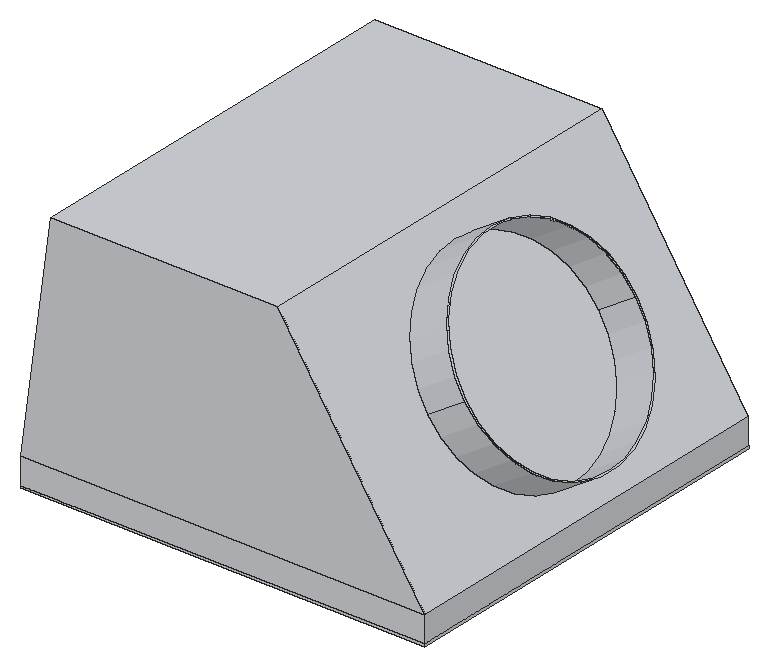
Revit family "08301_SWF-P", category Air Terminals, Revit 2012
Parameters (values of type "SWF-P")
  Visible_Texto = or(or(Diametro_Requerido < 6", Diametro_Requerido > 14"), not(Diametro_Requerido = (Var1 * 1")))  # no
  URL = "https://www.innes.com.mx"
  Type Comments = "Bajo nivel de ruido"
  Tipo de Cuello = "Redondo"
  Posición de Instalación = "Techo"
  Model = "SWF-P"
  Material = "Acero"
  Manufacturer = "INNES"
  Incrementos de Cuello = "de 2\""
  Función = "Inyección"
  Diametro_Real = if(or((Var1 * 1") < 6", (Var1 * 1") = 6"), 5 3/4", if(or((Var1 * 1") > 14", (Var1 * 1") = 14"), 13 3/4", ((Var1 * 1") - 1" / 4)))  # 11 3/4"
  Var1 = roundup(Diametro_Requerido / 2") * 2  # 12
  Nota1 = if(Diametro_Requerido < 6", " Diámetro no disponible, mínimo 6 in", if(Diametro_Requerido > 14", "Diámetro no disponible, máximo 14 in", if(Diametro_Requerido = (Var1 * 1"), ".", "Diámetro No Válido. Sólo incrementos de 2 in")))  # "."
  Diametro_Requerido = 12"
  Description = "Difusor Rotacional para flujo constante"
  Cuello Mín.-Máx. = "6\" a 14\""
  Conect = Diametro_Real / 2  # 5 7/8"
Reference planes (in)
  plane 1 "Center (Front/Back)": y = 0
  plane 2: z = 0
  plane 3 "Center (Left/Right)": x = 0
  plane 4: y = 5.875
  plane 5: y = -5.875
Dimensions and locks (in)
  "Diametro_Real": plane 4 to plane 5
  equal spacing: plane 4, plane 1 "Center (Front/Back)", plane 5
  aligned and locked: plane 4 to nested 1
  aligned and locked: plane 5 to nested 1
Nested families (in)
  nested 1: "SWF-P" at (0, 0, 0), type "SWF-P"
    with Var2 12", Var1 12, Radio_Int 5 3/4", Radio 5 7/8", Diametro_Requerido 12", Diametro_Int 11 5/8", A_Diametro_Real 11 3/4"
  nested 2: "Texto_SWF" at (-5.25, -50.70033, 0), type "texto"
    with Visible_Texto no
Connectors (in)
  hvac at (9.11147, 0, 9.04108), driven by "Conect"
    settings: on nested 1, index 1, duct flow 0.0 L/s, flow factor 0, pres drop 0.0 Pa, loss coef 0, conn angle 0.00°, conn width 304.8 mm, conn height 304.8 mm, conn radius 149.225 mm, duct sys type 1, conn prof type 0, flow config 0, flow direction 0, loss method 0, conn ref index -1, conn util no, is conn primary yes, conn desc ""
Definition of nested family "SWF-P"
  Parameters (values of type "SWF-P-06")
    Var2 = if(or((Var1 * 1") < 6", (Var1 * 1") = 6"), 6", if((Var1 * 1") = 8", 8", if((Var1 * 1") = 10", 10", if((Var1 * 1") = 12", 12", if((Var1 * 1") = 14", 14", 14")))))  # 6"
    Var1 = roundup(Diametro_Requerido / 2") * 2  # 6
    URL = "http://www.innes.com.mx"
    Radio_Int = Radio - 1" / 8  # 2 3/4"
    Radio = A_Diametro_Real / 2  # 2 7/8"
    Mínima velocidad de cuello = 0.0508 m/s
    Mínima presión total = 2488.4 Pa
    Máximo nivel de ruido (NC) = "10"
    Máxima velocidad de cuello = 0.0508 m/s
    Máxima presión total = 2488.4 Pa
    Min Flow = 4.71947 L/s
    Diametro_Requerido = 6"
    Max Flow = 4.71947 L/s
    Material = "Acero"
    Manufacturer = "INNES"
    Largo_Superior = B_Plato - 3/16"  # 21 15/16"
    Espesor = B_Plato - 3/16"  # 21 15/16"
    Diametro_Int = A_Diametro_Real - 1" / 8  # 5 5/8"
    A_Diametro_Real = Var2 - 1" / 4  # 5 3/4"
    Cuello = "Redondo"
    B_Plato = 22 1/8"  # constant formula
    Alto_Placa = 1/8"  # constant formula
    Alto_Perfil = 1 9/16"  # constant formula
    C_Alto = 13 13/16"  # constant formula
  Types (5): name | Var2 | Var1 | URL | Radio_Int | Radio | Mínima velocidad de cuello | Mínima presión total | Máximo nivel de ruido (NC) | Máxima velocidad de cuello | Máxima presión total | Min Flow | Diametro_Requerido | Max Flow | Manufacturer | Diametro_Int | A_Diametro_Real
    SWF-P-06 | 6" | 6 | "http://www.innes.com.mx" | 2 3/4" | 2 7/8" | 0.0508 m/s | 2488.4 Pa | "10" | 0.0508 m/s | 2488.4 Pa | 4.71947 L/s | 6" | 4.71947 L/s | "INNES" | 5 5/8" | 5 3/4"
    SWF-P-08 | 8" | 8 | "" | 3 3/4" | 3 7/8" | 0.0 m/s | 0.0 Pa | "32" | 0.0 m/s | 0.0 Pa | 0.0 L/s | 8" | 0.0 L/s | "" | 7 5/8" | 7 3/4"
    SWF-P-10 | 10" | 10 | "" | 4 3/4" | 4 7/8" | 0.0 m/s | 0.0 Pa | "32" | 0.0 m/s | 0.0 Pa | 0.0 L/s | 10" | 0.0 L/s | "" | 9 5/8" | 9 3/4"
    SWF-P-12 | 12" | 12 | "" | 5 3/4" | 5 7/8" | 0.0 m/s | 0.0 Pa | "32" | 0.0 m/s | 0.0 Pa | 0.0 L/s | 12" | 0.0 L/s | "" | 11 5/8" | 11 3/4"
    SWF-P-14 | 14" | 14 | "" | 6 3/4" | 6 7/8" | 0.0 m/s | 0.0 Pa | "32" | 0.0 m/s | 0.0 Pa | 0.0 L/s | 14" | 0.0 L/s | "" | 13 5/8" | 13 3/4"
  Reference planes (in)
    plane 1 "Center (Front/Back)": y = 0
    plane 2: z = 0
    plane 3 "Center (Left/Right)": x = 0
    plane 4: x = 11.0625
    plane 5: x = -11.0625
    plane 6: y = 11.0625
    plane 7: y = -11.0625
    plane 8: x = -10.96875
    plane 9: x = 10.96875
    plane 10: y = 10.96875
    plane 11: y = -10.96875
    plane 12 "Altura placa": z = 0.125
    plane 13 "Altura perfil": z = 1.5625
    plane 14 "Altura": z = 13.8125
    plane 15: x = -9.375
    plane 16: x = 3.03125
    plane 17: x = -9.1875
    plane 18: x = 2.84375
    plane 19: y = -2.875
    plane 20: y = 2.875
  Forms (in)
    Extrusion 1, solid
      sketch origin (0, 0, 0) x (1, 0, 0) y (0, 1, 0)
        loop
          line (-11.0625, 11.0625) -> (-11.0625, -11.0625) -> (11.0625, -11.0625) -> (11.0625, 11.0625) -> (-11.0625, 11.0625)
      from 0 to 0.125
    Extrusion 2, void
      sketch origin (0.10586, 0.04098, 0) x (-0.669131, -0.743145, 0) y (0.743145, -0.669131, 0)
        loop
          arc (-8.74735, 4.30708) -> (-5.32159, 2.29365) -> (-1.53083, 1.10205) r 17.55906
          arc (-1.53083, 1.10205) -> (-2.00501, 1.41256) -> (-2.51614, 1.65751) r 4.26873
          arc (-2.51614, 1.65751) -> (-5.38673, 3.45137) -> (-7.99735, 5.60612) r 25.7617
          line (-7.99735, 5.60612) -> (-8.74735, 4.30708)
      from 0 to 0.125
    Extrusion 3, void
      sketch origin (0.11207, 0.01808, 0) x (-0.809017, -0.587785, 0) y (0.587785, -0.809017, 0)
        loop
          arc (-8.74735, 4.30708) -> (-5.32159, 2.29365) -> (-1.53083, 1.10205) r 17.55906
          arc (-1.53083, 1.10205) -> (-2.00501, 1.41256) -> (-2.51614, 1.65751) r 4.26873
          arc (-2.51614, 1.65751) -> (-5.38673, 3.45137) -> (-7.99735, 5.60612) r 25.7617
          line (-7.99735, 5.60612) -> (-8.74735, 4.30708)
      from 0 to 0.125
    Extrusion 4, void
      sketch origin (0.11338, -0.00562, 0) x (-0.913545, -0.406737, 0) y (0.406737, -0.913545, 0)
        loop
          arc (-8.74735, 4.30708) -> (-5.32159, 2.29365) -> (-1.53083, 1.10205) r 17.55906
          arc (-1.53083, 1.10205) -> (-2.00501, 1.41256) -> (-2.51614, 1.65751) r 4.26873
          arc (-2.51614, 1.65751) -> (-5.38673, 3.45137) -> (-7.99735, 5.60612) r 25.7617
          line (-7.99735, 5.60612) -> (-8.74735, 4.30708)
      from 0 to 0.125
    Extrusion 5, void
      sketch origin (0.10973, -0.02907, 0) x (-0.978148, -0.207912, 0) y (0.207912, -0.978148, 0)
        loop
          arc (-8.74735, 4.30708) -> (-5.32159, 2.29365) -> (-1.53083, 1.10205) r 17.55906
          arc (-1.53083, 1.10205) -> (-2.00501, 1.41256) -> (-2.51614, 1.65751) r 4.26873
          arc (-2.51614, 1.65751) -> (-5.38673, 3.45137) -> (-7.99735, 5.60612) r 25.7617
          line (-7.99735, 5.60612) -> (-8.74735, 4.30708)
      from 0 to 0.125
    Extrusion 6, void
      sketch origin (0.10129, -0.05125, 0) x (-1, 0, 0) y (0, -1, 0)
        loop
          arc (-8.74735, 4.30708) -> (-5.32159, 2.29365) -> (-1.53083, 1.10205) r 17.55906
          arc (-1.53083, 1.10205) -> (-2.00501, 1.41256) -> (-2.51614, 1.65751) r 4.26873
          arc (-2.51614, 1.65751) -> (-5.38673, 3.45137) -> (-7.99735, 5.60612) r 25.7617
          line (-7.99735, 5.60612) -> (-8.74735, 4.30708)
      from 0 to 0.125
    Extrusion 7, void
      sketch origin (0.08842, -0.07118, 0) x (-0.978148, 0.207912, 0) y (-0.207912, -0.978148, 0)
        loop
          arc (-8.74735, 4.30708) -> (-5.32159, 2.29365) -> (-1.53083, 1.10205) r 17.55906
          arc (-1.53083, 1.10205) -> (-2.00501, 1.41256) -> (-2.51614, 1.65751) r 4.26873
          arc (-2.51614, 1.65751) -> (-5.38673, 3.45137) -> (-7.99735, 5.60612) r 25.7617
          line (-7.99735, 5.60612) -> (-8.74735, 4.30708)
      from 0 to 0.125
    Extrusion 8, void
      sketch origin (0.07169, -0.08801, 0) x (-0.913545, 0.406737, 0) y (-0.406737, -0.913545, 0)
        loop
          arc (-8.74735, 4.30708) -> (-5.32159, 2.29365) -> (-1.53083, 1.10205) r 17.55906
          arc (-1.53083, 1.10205) -> (-2.00501, 1.41256) -> (-2.51614, 1.65751) r 4.26873
          arc (-2.51614, 1.65751) -> (-5.38673, 3.45137) -> (-7.99735, 5.60612) r 25.7617
          line (-7.99735, 5.60612) -> (-8.74735, 4.30708)
      from 0 to 0.125
    Extrusion 9, void
      sketch origin (0.05182, -0.101, 0) x (-0.809017, 0.587785, 0) y (-0.587785, -0.809017, 0)
        loop
          arc (-8.74735, 4.30708) -> (-5.32159, 2.29365) -> (-1.53083, 1.10205) r 17.55906
          arc (-1.53083, 1.10205) -> (-2.00501, 1.41256) -> (-2.51614, 1.65751) r 4.26873
          arc (-2.51614, 1.65751) -> (-5.38673, 3.45137) -> (-7.99735, 5.60612) r 25.7617
          line (-7.99735, 5.60612) -> (-8.74735, 4.30708)
      from 0 to 0.125
    Extrusion 10, void
      sketch origin (0.02969, -0.10956, 0) x (-0.669131, 0.743145, 0) y (-0.743145, -0.669131, 0)
        loop
          arc (-8.74735, 4.30708) -> (-5.32159, 2.29365) -> (-1.53083, 1.10205) r 17.55906
          arc (-1.53083, 1.10205) -> (-2.00501, 1.41256) -> (-2.51614, 1.65751) r 4.26873
          arc (-2.51614, 1.65751) -> (-5.38673, 3.45137) -> (-7.99735, 5.60612) r 25.7617
          line (-7.99735, 5.60612) -> (-8.74735, 4.30708)
      from 0 to 0.125
    Extrusion 11, void
      sketch origin (0.00627, -0.11334, 0) x (-0.5, 0.866025, 0) y (-0.866025, -0.5, 0)
        loop
          arc (-8.74735, 4.30708) -> (-5.32159, 2.29365) -> (-1.53083, 1.10205) r 17.55906
          arc (-1.53083, 1.10205) -> (-2.00501, 1.41256) -> (-2.51614, 1.65751) r 4.26873
          arc (-2.51614, 1.65751) -> (-5.38673, 3.45137) -> (-7.99735, 5.60612) r 25.7617
          line (-7.99735, 5.60612) -> (-8.74735, 4.30708)
      from 0 to 0.125
    Extrusion 12, void
      sketch origin (-0.01744, -0.11217, 0) x (-0.309017, 0.951057, 0) y (-0.951057, -0.309017, 0)
        loop
          arc (-8.74735, 4.30708) -> (-5.32159, 2.29365) -> (-1.53083, 1.10205) r 17.55906
          arc (-1.53083, 1.10205) -> (-2.00501, 1.41256) -> (-2.51614, 1.65751) r 4.26873
          arc (-2.51614, 1.65751) -> (-5.38673, 3.45137) -> (-7.99735, 5.60612) r 25.7617
          line (-7.99735, 5.60612) -> (-8.74735, 4.30708)
      from 0 to 0.125
    Extrusion 13, void
      sketch origin (-0.04038, -0.10609, 0) x (-0.104528, 0.994522, 0) y (-0.994522, -0.104528, 0)
        loop
          arc (-8.74735, 4.30708) -> (-5.32159, 2.29365) -> (-1.53083, 1.10205) r 17.55906
          arc (-1.53083, 1.10205) -> (-2.00501, 1.41256) -> (-2.51614, 1.65751) r 4.26873
          arc (-2.51614, 1.65751) -> (-5.38673, 3.45137) -> (-7.99735, 5.60612) r 25.7617
          line (-7.99735, 5.60612) -> (-8.74735, 4.30708)
      from 0 to 0.125
    Extrusion 14, void
      sketch origin (-0.06155, -0.09538, 0) x (0.104528, 0.994522, 0) y (-0.994522, 0.104528, 0)
        loop
          arc (-8.74735, 4.30708) -> (-5.32159, 2.29365) -> (-1.53083, 1.10205) r 17.55906
          arc (-1.53083, 1.10205) -> (-2.00501, 1.41256) -> (-2.51614, 1.65751) r 4.26873
          arc (-2.51614, 1.65751) -> (-5.38673, 3.45137) -> (-7.99735, 5.60612) r 25.7617
          line (-7.99735, 5.60612) -> (-8.74735, 4.30708)
      from 0 to 0.125
    Extrusion 15, void
      sketch origin (-0.08004, -0.0805, 0) x (0.309017, 0.951057, 0) y (-0.951057, 0.309017, 0)
        loop
          arc (-8.74735, 4.30708) -> (-5.32159, 2.29365) -> (-1.53083, 1.10205) r 17.55906
          arc (-1.53083, 1.10205) -> (-2.00501, 1.41256) -> (-2.51614, 1.65751) r 4.26873
          arc (-2.51614, 1.65751) -> (-5.38673, 3.45137) -> (-7.99735, 5.60612) r 25.7617
          line (-7.99735, 5.60612) -> (-8.74735, 4.30708)
      from 0 to 0.125
    Extrusion 16, void
      sketch origin (-0.09502, -0.0621, 0) x (0.5, 0.866025, 0) y (-0.866025, 0.5, 0)
        loop
          arc (-8.74735, 4.30708) -> (-5.32159, 2.29365) -> (-1.53083, 1.10205) r 17.55906
          arc (-1.53083, 1.10205) -> (-2.00501, 1.41256) -> (-2.51614, 1.65751) r 4.26873
          arc (-2.51614, 1.65751) -> (-5.38673, 3.45137) -> (-7.99735, 5.60612) r 25.7617
          line (-7.99735, 5.60612) -> (-8.74735, 4.30708)
      from 0 to 0.125
    Extrusion 17, void
      sketch origin (-0.10586, -0.04098, 0) x (0.669131, 0.743145, 0) y (-0.743145, 0.669131, 0)
        loop
          arc (-8.74735, 4.30708) -> (-5.32159, 2.29365) -> (-1.53083, 1.10205) r 17.55906
          arc (-1.53083, 1.10205) -> (-2.00501, 1.41256) -> (-2.51614, 1.65751) r 4.26873
          arc (-2.51614, 1.65751) -> (-5.38673, 3.45137) -> (-7.99735, 5.60612) r 25.7617
          line (-7.99735, 5.60612) -> (-8.74735, 4.30708)
      from 0 to 0.125
    Extrusion 18, void
      sketch origin (-0.11207, -0.01808, 0) x (0.809017, 0.587785, 0) y (-0.587785, 0.809017, 0)
        loop
          arc (-8.74735, 4.30708) -> (-5.32159, 2.29365) -> (-1.53083, 1.10205) r 17.55906
          arc (-1.53083, 1.10205) -> (-2.00501, 1.41256) -> (-2.51614, 1.65751) r 4.26873
          arc (-2.51614, 1.65751) -> (-5.38673, 3.45137) -> (-7.99735, 5.60612) r 25.7617
          line (-7.99735, 5.60612) -> (-8.74735, 4.30708)
      from 0 to 0.125
    Extrusion 19, void
      sketch origin (-0.11338, 0.00562, 0) x (0.913545, 0.406737, 0) y (-0.406737, 0.913545, 0)
        loop
          arc (-8.74735, 4.30708) -> (-5.32159, 2.29365) -> (-1.53083, 1.10205) r 17.55906
          arc (-1.53083, 1.10205) -> (-2.00501, 1.41256) -> (-2.51614, 1.65751) r 4.26873
          arc (-2.51614, 1.65751) -> (-5.38673, 3.45137) -> (-7.99735, 5.60612) r 25.7617
          line (-7.99735, 5.60612) -> (-8.74735, 4.30708)
      from 0 to 0.125
    Extrusion 20, void
      sketch origin (-0.10973, 0.02907, 0) x (0.978148, 0.207912, 0) y (-0.207912, 0.978148, 0)
        loop
          arc (-8.74735, 4.30708) -> (-5.32159, 2.29365) -> (-1.53083, 1.10205) r 17.55906
          arc (-1.53083, 1.10205) -> (-2.00501, 1.41256) -> (-2.51614, 1.65751) r 4.26873
          arc (-2.51614, 1.65751) -> (-5.38673, 3.45137) -> (-7.99735, 5.60612) r 25.7617
          line (-7.99735, 5.60612) -> (-8.74735, 4.30708)
      from 0 to 0.125
    Extrusion 21, void
      sketch origin (-0.10129, 0.05125, 0) x (1, 0, 0) y (0, 1, 0)
        loop
          arc (-8.74735, 4.30708) -> (-5.32159, 2.29365) -> (-1.53083, 1.10205) r 17.55906
          arc (-1.53083, 1.10205) -> (-2.00501, 1.41256) -> (-2.51614, 1.65751) r 4.26873
          arc (-2.51614, 1.65751) -> (-5.38673, 3.45137) -> (-7.99735, 5.60612) r 25.7617
          line (-7.99735, 5.60612) -> (-8.74735, 4.30708)
      from 0 to 0.125
    Extrusion 22, void
      sketch origin (-0.08842, 0.07118, 0) x (0.978148, -0.207912, 0) y (0.207912, 0.978148, 0)
        loop
          arc (-8.74735, 4.30708) -> (-5.32159, 2.29365) -> (-1.53083, 1.10205) r 17.55906
          arc (-1.53083, 1.10205) -> (-2.00501, 1.41256) -> (-2.51614, 1.65751) r 4.26873
          arc (-2.51614, 1.65751) -> (-5.38673, 3.45137) -> (-7.99735, 5.60612) r 25.7617
          line (-7.99735, 5.60612) -> (-8.74735, 4.30708)
      from 0 to 0.125
    Extrusion 23, void
      sketch origin (-0.07169, 0.08801, 0) x (0.913545, -0.406737, 0) y (0.406737, 0.913545, 0)
        loop
          arc (-8.74735, 4.30708) -> (-5.32159, 2.29365) -> (-1.53083, 1.10205) r 17.55906
          arc (-1.53083, 1.10205) -> (-2.00501, 1.41256) -> (-2.51614, 1.65751) r 4.26873
          arc (-2.51614, 1.65751) -> (-5.38673, 3.45137) -> (-7.99735, 5.60612) r 25.7617
          line (-7.99735, 5.60612) -> (-8.74735, 4.30708)
      from 0 to 0.125
    Extrusion 24, void
      sketch origin (-0.05182, 0.101, 0) x (0.809017, -0.587785, 0) y (0.587785, 0.809017, 0)
        loop
          arc (-8.74735, 4.30708) -> (-5.32159, 2.29365) -> (-1.53083, 1.10205) r 17.55906
          arc (-1.53083, 1.10205) -> (-2.00501, 1.41256) -> (-2.51614, 1.65751) r 4.26873
          arc (-2.51614, 1.65751) -> (-5.38673, 3.45137) -> (-7.99735, 5.60612) r 25.7617
          line (-7.99735, 5.60612) -> (-8.74735, 4.30708)
      from 0 to 0.125
    Extrusion 25, void
      sketch origin (-0.02969, 0.10956, 0) x (0.669131, -0.743145, 0) y (0.743145, 0.669131, 0)
        loop
          arc (-8.74735, 4.30708) -> (-5.32159, 2.29365) -> (-1.53083, 1.10205) r 17.55906
          arc (-1.53083, 1.10205) -> (-2.00501, 1.41256) -> (-2.51614, 1.65751) r 4.26873
          arc (-2.51614, 1.65751) -> (-5.38673, 3.45137) -> (-7.99735, 5.60612) r 25.7617
          line (-7.99735, 5.60612) -> (-8.74735, 4.30708)
      from 0 to 0.125
    Extrusion 26, void
      sketch origin (0, 0, 0) x (1, 0, 0) y (0, 1, 0)
        loop
          circle (0, 0) r 0.25
      from 0 to 0.125
    Extrusion 27, solid
      sketch origin (0, 0, 0.125) x (-1, 0, 0) y (0, -1, 0)
        loop
          line (11.0625, -11.0625) -> (11.0625, 11.0625) -> (-11.0625, 11.0625) -> (-11.0625, -11.0625) -> (11.0625, -11.0625)
        loop
          line (10.96875, -10.96875) -> (10.96875, 10.96875) -> (-10.96875, 10.96875) -> (-10.96875, -10.96875) -> (10.96875, -10.96875)
      from 0 to 1.4375
    Blend 28, solid
      base sketch origin (0, 0, 13.8125) x (-1, 0, 0) y (0, -1, 0)
        loop
          line (11.0625, -11.0625) -> (11.0625, 11.0625) -> (-11.0625, 11.0625) -> (-11.0625, -11.0625) -> (11.0625, -11.0625)
      top sketch origin (0, 0, 13.8125) x (-1, 0, 0) y (0, -1, 0)
        loop
          line (9.375, -11.0625) -> (9.375, 11.0625) -> (-3.03125, 11.0625) -> (-3.03125, -11.0625) -> (9.375, -11.0625)
      from -12.25 to 0
    Blend 29, void
      base sketch origin (0, 0, 1.5625) x (-1, 0, 0) y (0, -1, 0)
        loop
          line (10.96875, -10.96875) -> (10.96875, 10.96875) -> (-10.96875, 10.96875) -> (-10.96875, -10.96875) -> (10.96875, -10.96875)
      top sketch origin (0, 0, 13.8125) x (-1, 0, 0) y (0, -1, 0)
        loop
          line (9.1875, -10.96875) -> (9.1875, 10.96875) -> (-2.84375, 10.96875) -> (-2.84375, -10.96875) -> (9.1875, -10.96875)
      from 0 to -0.26133
    Extrusion 30, void
      sketch origin (-0.00627, 0.11334, 0) x (0.5, -0.866025, 0) y (0.866025, 0.5, 0)
        loop
          arc (-8.74735, 4.30708) -> (-5.32159, 2.29365) -> (-1.53083, 1.10205) r 17.55906
          arc (-1.53083, 1.10205) -> (-2.00501, 1.41256) -> (-2.51614, 1.65751) r 4.26873
          arc (-2.51614, 1.65751) -> (-5.38673, 3.45137) -> (-7.99735, 5.60612) r 25.7617
          line (-7.99735, 5.60612) -> (-8.74735, 4.30708)
      from 0 to 0.125
    Extrusion 31, void
      sketch origin (0.01744, 0.11217, 0) x (0.309017, -0.951057, 0) y (0.951057, 0.309017, 0)
        loop
          arc (-8.74735, 4.30708) -> (-5.32159, 2.29365) -> (-1.53083, 1.10205) r 17.55906
          arc (-1.53083, 1.10205) -> (-2.00501, 1.41256) -> (-2.51614, 1.65751) r 4.26873
          arc (-2.51614, 1.65751) -> (-5.38673, 3.45137) -> (-7.99735, 5.60612) r 25.7617
          line (-7.99735, 5.60612) -> (-8.74735, 4.30708)
      from 0 to 0.125
    Extrusion 32, void
      sketch origin (0.04038, 0.10609, 0) x (0.104528, -0.994522, 0) y (0.994522, 0.104528, 0)
        loop
          arc (-8.74735, 4.30708) -> (-5.32159, 2.29365) -> (-1.53083, 1.10205) r 17.55906
          arc (-1.53083, 1.10205) -> (-2.00501, 1.41256) -> (-2.51614, 1.65751) r 4.26873
          arc (-2.51614, 1.65751) -> (-5.38673, 3.45137) -> (-7.99735, 5.60612) r 25.7617
          line (-7.99735, 5.60612) -> (-8.74735, 4.30708)
      from 0 to 0.125
    Extrusion 33, void
      sketch origin (0.06155, 0.09538, 0) x (-0.104528, -0.994522, 0) y (0.994522, -0.104528, 0)
        loop
          arc (-8.74735, 4.30708) -> (-5.32159, 2.29365) -> (-1.53083, 1.10205) r 17.55906
          arc (-1.53083, 1.10205) -> (-2.00501, 1.41256) -> (-2.51614, 1.65751) r 4.26873
          arc (-2.51614, 1.65751) -> (-5.38673, 3.45137) -> (-7.99735, 5.60612) r 25.7617
          line (-7.99735, 5.60612) -> (-8.74735, 4.30708)
      from 0 to 0.125
    Extrusion 34, void
      sketch origin (0.08004, 0.0805, 0) x (-0.309017, -0.951057, 0) y (0.951057, -0.309017, 0)
        loop
          arc (-8.74735, 4.30708) -> (-5.32159, 2.29365) -> (-1.53083, 1.10205) r 17.55906
          arc (-1.53083, 1.10205) -> (-2.00501, 1.41256) -> (-2.51614, 1.65751) r 4.26873
          arc (-2.51614, 1.65751) -> (-5.38673, 3.45137) -> (-7.99735, 5.60612) r 25.7617
          line (-7.99735, 5.60612) -> (-8.74735, 4.30708)
      from 0 to 0.125
    Extrusion 35, void
      sketch origin (0.09502, 0.0621, 0) x (-0.5, -0.866025, 0) y (0.866025, -0.5, 0)
        loop
          arc (-8.74735, 4.30708) -> (-5.32159, 2.29365) -> (-1.53083, 1.10205) r 17.55906
          arc (-1.53083, 1.10205) -> (-2.00501, 1.41256) -> (-2.51614, 1.65751) r 4.26873
          arc (-2.51614, 1.65751) -> (-5.38673, 3.45137) -> (-7.99735, 5.60612) r 25.7617
          line (-7.99735, 5.60612) -> (-8.74735, 4.30708)
      from 0 to 0.125
  Cuts and joins
    Extrusion 2, Extrusion 3, Extrusion 4, Extrusion 5, Extrusion 6, Extrusion 7, Extrusion 8, Extrusion 9, Extrusion 10, Extrusion 11, Extrusion 12, Extrusion 13, Extrusion 14, Extrusion 15, Extrusion 16, Extrusion 17, Extrusion 18, Extrusion 19, Extrusion 20, Extrusion 21, Extrusion 22, Extrusion 23, Extrusion 24, Extrusion 25, Extrusion 26, Extrusion 30, Extrusion 31, Extrusion 32, Extrusion 33, Extrusion 34, Extrusion 35 cuts Extrusion 1
    Blend 29 cuts Blend 28
  Lines and regions (in)
    model lines
      curve 1: line (-0.54473, 9.73477, 0) -> (0.54473, 9.73477, 0)
  Dimensions and locks (in)
    equal spacing: plane 5, plane 3 "Center (Left/Right)", plane 4
    "B_Plato": plane 5 to plane 4
    equal spacing: plane 6, plane 1 "Center (Front/Back)", plane 7
    "B_Plato": plane 6 to plane 7
    equal spacing: plane 8, plane 3 "Center (Left/Right)", plane 9
    "Espesor": plane 8 to plane 9
    equal spacing: plane 10, plane 1 "Center (Front/Back)", plane 11
    "Espesor": plane 10 to plane 11
    "Alto_Placa": plane 12 "Altura placa" to level
    "Alto_Perfil": plane 13 "Altura perfil" to level
    "C_Alto": plane 14 "Altura" to level
    locked: plane 15 to plane 16 at 12.40625
    plane 15 to plane 3 "Center (Left/Right)" to plane 16 = 9 3/8" locked, 3 1/32" locked
    locked: plane 15 to plane 17 at 0.1875
    locked: plane 18 to plane 16 at 0.1875
    "A_Diametro_Real": plane 20 to plane 19
    equal spacing: plane 20, plane 1 "Center (Front/Back)", plane 19
    aligned and locked: plane 2 to level
    aligned and locked: Extrusion 1 sketch curve to plane 6
    aligned and locked: plane 5 to Extrusion 1 sketch curve
    aligned and locked: plane 7 to Extrusion 1 sketch curve
    aligned and locked: Extrusion 1 sketch curve to plane 4
    aligned and locked: Extrusion 1 to Extrusion 8
    aligned and locked: Extrusion 27 to plane 7
    aligned and locked: Extrusion 27 to plane 5
    aligned and locked: plane 4 to Extrusion 27
    aligned and locked: plane 6 to Extrusion 27
    aligned and locked: Extrusion 27 to plane 10
    aligned and locked: plane 8 to Extrusion 27
    aligned and locked: plane 11 to Extrusion 27
    aligned and locked: Extrusion 27 to plane 9
    aligned and locked: Blend 28 sketch curve to plane 6
    aligned and locked: plane 15 to Blend 28 sketch curve
    aligned and locked: plane 7 to Blend 28 sketch curve
    aligned and locked: Blend 28 sketch curve to plane 16
    aligned and locked: Blend 28 to plane 13 "Altura perfil"
    aligned and locked: plane 14 "Altura" to Blend 28
    aligned and locked: Blend 29 sketch curve to Extrusion 27  (x4)
    aligned and locked: Blend 29 sketch curve to plane 10
    aligned and locked: plane 17 to Blend 29 sketch curve
    aligned and locked: plane 11 to Blend 29 sketch curve
    aligned and locked: Blend 29 sketch curve to plane 18
    aligned and locked: Blend 29 to plane 13 "Altura perfil"
    aligned and locked: plane 19 to nested 1  (x2)
    aligned and locked: plane 20 to nested 1  (x2)
    aligned and locked: nested 1 to cut or joined group of Blend 28, Blend 29
  Automatic sketch dimensions
    curve 1 to plane 3 "Center (Left/Right)" = 0.54473"
    curve 1 to plane 6 = 1.32773"
    plane 3 "Center (Left/Right)" to curve 1 = 0.54473"
    plane 1 "Center (Front/Back)" to Extrusion 26 sketch curve = 0"
    Extrusion 26 sketch curve to plane 3 "Center (Left/Right)" = 0"
    plane 4 to Extrusion 27 sketch curve = 0"
    Extrusion 27 sketch curve to plane 9 = 0"
    plane 8 to Extrusion 27 sketch curve = 0"
    Extrusion 27 sketch curve to plane 5 = 0"
    plane 6 to Extrusion 27 sketch curve = 0"
    Extrusion 27 sketch curve to plane 10 = 0"
    plane 11 to Extrusion 27 sketch curve = 0"
    Extrusion 27 sketch curve to plane 7 = 0"
    Blend 28 sketch curve to plane 4 = 0"
    Blend 28 sketch curve to plane 5 = 0"
    Blend 28 sketch curve to plane 6 = 0"
    Blend 28 sketch curve to plane 7 = 0"
    Extrusion 21 sketch curve to Extrusion 21 sketch curve = 3/4"
    Extrusion 21 sketch curve to Extrusion 21 sketch curve = 4.64603"
    Extrusion 21 sketch curve to Extrusion 21 sketch curve = 1.58518"
    Extrusion 21 sketch curve to Extrusion 21 sketch curve = 0.98531"
    Extrusion 21 sketch curve to Extrusion 21 sketch curve = 9.80288"
    Extrusion 21 sketch curve to Extrusion 21 sketch curve = 7.86578"
    Extrusion 21 sketch curve to Extrusion 21 sketch curve = 3.40803"
    Extrusion 21 sketch curve to Extrusion 21 sketch curve = 2.64957"
    Extrusion 21 sketch curve to Extrusion 21 sketch curve = 1.29904"
    Extrusion 2 sketch curve to Extrusion 2 sketch curve = 3/4"
    Extrusion 2 sketch curve to Extrusion 2 sketch curve = 4.64603"
    Extrusion 2 sketch curve to Extrusion 2 sketch curve = 1.58518"
    Extrusion 2 sketch curve to Extrusion 2 sketch curve = 0.98531"
    Extrusion 2 sketch curve to Extrusion 2 sketch curve = 9.80288"
    Extrusion 2 sketch curve to Extrusion 2 sketch curve = 7.86578"
    Extrusion 2 sketch curve to Extrusion 2 sketch curve = 3.40803"
    Extrusion 2 sketch curve to Extrusion 2 sketch curve = 2.64957"
    Extrusion 2 sketch curve to Extrusion 2 sketch curve = 1.29904"
    Extrusion 3 sketch curve to Extrusion 3 sketch curve = 3/4"
    Extrusion 3 sketch curve to Extrusion 3 sketch curve = 4.64603"
    Extrusion 3 sketch curve to Extrusion 3 sketch curve = 1.58518"
    Extrusion 3 sketch curve to Extrusion 3 sketch curve = 0.98531"
    Extrusion 3 sketch curve to Extrusion 3 sketch curve = 9.80288"
    Extrusion 3 sketch curve to Extrusion 3 sketch curve = 7.86578"
    Extrusion 3 sketch curve to Extrusion 3 sketch curve = 3.40803"
    Extrusion 3 sketch curve to Extrusion 3 sketch curve = 2.64957"
    Extrusion 3 sketch curve to Extrusion 3 sketch curve = 1.29904"
    Extrusion 4 sketch curve to Extrusion 4 sketch curve = 3/4"
    Extrusion 4 sketch curve to Extrusion 4 sketch curve = 4.64603"
    Extrusion 4 sketch curve to Extrusion 4 sketch curve = 1.58518"
    Extrusion 4 sketch curve to Extrusion 4 sketch curve = 0.98531"
    Extrusion 4 sketch curve to Extrusion 4 sketch curve = 9.80288"
    Extrusion 4 sketch curve to Extrusion 4 sketch curve = 7.86578"
    Extrusion 4 sketch curve to Extrusion 4 sketch curve = 3.40803"
    Extrusion 4 sketch curve to Extrusion 4 sketch curve = 2.64957"
    Extrusion 4 sketch curve to Extrusion 4 sketch curve = 1.29904"
    Extrusion 5 sketch curve to Extrusion 5 sketch curve = 3/4"
    Extrusion 5 sketch curve to Extrusion 5 sketch curve = 4.64603"
    Extrusion 5 sketch curve to Extrusion 5 sketch curve = 1.58518"
    Extrusion 5 sketch curve to Extrusion 5 sketch curve = 0.98531"
    Extrusion 5 sketch curve to Extrusion 5 sketch curve = 9.80288"
    Extrusion 5 sketch curve to Extrusion 5 sketch curve = 7.86578"
    Extrusion 5 sketch curve to Extrusion 5 sketch curve = 3.40803"
    Extrusion 5 sketch curve to Extrusion 5 sketch curve = 2.64957"
    Extrusion 5 sketch curve to Extrusion 5 sketch curve = 1.29904"
    Extrusion 6 sketch curve to Extrusion 6 sketch curve = 3/4"
    Extrusion 6 sketch curve to Extrusion 6 sketch curve = 4.64603"
    Extrusion 6 sketch curve to Extrusion 6 sketch curve = 1.58518"
    Extrusion 6 sketch curve to Extrusion 6 sketch curve = 0.98531"
    Extrusion 6 sketch curve to Extrusion 6 sketch curve = 9.80288"
    Extrusion 6 sketch curve to Extrusion 6 sketch curve = 7.86578"
    Extrusion 6 sketch curve to Extrusion 6 sketch curve = 3.40803"
    Extrusion 6 sketch curve to Extrusion 6 sketch curve = 2.64957"
    Extrusion 6 sketch curve to Extrusion 6 sketch curve = 1.29904"
    Extrusion 7 sketch curve to Extrusion 7 sketch curve = 3/4"
    Extrusion 7 sketch curve to Extrusion 7 sketch curve = 4.64603"
    Extrusion 7 sketch curve to Extrusion 7 sketch curve = 1.58518"
    Extrusion 7 sketch curve to Extrusion 7 sketch curve = 0.98531"
    Extrusion 7 sketch curve to Extrusion 7 sketch curve = 9.80288"
    Extrusion 7 sketch curve to Extrusion 7 sketch curve = 7.86578"
    Extrusion 7 sketch curve to Extrusion 7 sketch curve = 3.40803"
    Extrusion 7 sketch curve to Extrusion 7 sketch curve = 2.64957"
    Extrusion 7 sketch curve to Extrusion 7 sketch curve = 1.29904"
    Extrusion 8 sketch curve to Extrusion 8 sketch curve = 3/4"
    Extrusion 8 sketch curve to Extrusion 8 sketch curve = 4.64603"
    Extrusion 8 sketch curve to Extrusion 8 sketch curve = 1.58518"
    Extrusion 8 sketch curve to Extrusion 8 sketch curve = 0.98531"
    Extrusion 8 sketch curve to Extrusion 8 sketch curve = 9.80288"
    Extrusion 8 sketch curve to Extrusion 8 sketch curve = 7.86578"
    Extrusion 8 sketch curve to Extrusion 8 sketch curve = 3.40803"
    Extrusion 8 sketch curve to Extrusion 8 sketch curve = 2.64957"
    Extrusion 8 sketch curve to Extrusion 8 sketch curve = 1.29904"
    Extrusion 9 sketch curve to Extrusion 9 sketch curve = 3/4"
    Extrusion 9 sketch curve to Extrusion 9 sketch curve = 4.64603"
    Extrusion 9 sketch curve to Extrusion 9 sketch curve = 1.58518"
    Extrusion 9 sketch curve to Extrusion 9 sketch curve = 0.98531"
    Extrusion 9 sketch curve to Extrusion 9 sketch curve = 9.80288"
    Extrusion 9 sketch curve to Extrusion 9 sketch curve = 7.86578"
    Extrusion 9 sketch curve to Extrusion 9 sketch curve = 3.40803"
    Extrusion 9 sketch curve to Extrusion 9 sketch curve = 2.64957"
    Extrusion 9 sketch curve to Extrusion 9 sketch curve = 1.29904"
    Extrusion 10 sketch curve to Extrusion 10 sketch curve = 3/4"
    Extrusion 10 sketch curve to Extrusion 10 sketch curve = 4.64603"
    Extrusion 10 sketch curve to Extrusion 10 sketch curve = 1.58518"
    Extrusion 10 sketch curve to Extrusion 10 sketch curve = 0.98531"
    Extrusion 10 sketch curve to Extrusion 10 sketch curve = 9.80288"
    Extrusion 10 sketch curve to Extrusion 10 sketch curve = 7.86578"
    Extrusion 10 sketch curve to Extrusion 10 sketch curve = 3.40803"
    Extrusion 10 sketch curve to Extrusion 10 sketch curve = 2.64957"
    Extrusion 10 sketch curve to Extrusion 10 sketch curve = 1.29904"
    Extrusion 11 sketch curve to Extrusion 11 sketch curve = 3/4"
    Extrusion 11 sketch curve to Extrusion 11 sketch curve = 4.64603"
    Extrusion 11 sketch curve to Extrusion 11 sketch curve = 1.58518"
    Extrusion 11 sketch curve to Extrusion 11 sketch curve = 0.98531"
    Extrusion 11 sketch curve to Extrusion 11 sketch curve = 9.80288"
    Extrusion 11 sketch curve to Extrusion 11 sketch curve = 7.86578"
    Extrusion 11 sketch curve to Extrusion 11 sketch curve = 3.40803"
    Extrusion 11 sketch curve to Extrusion 11 sketch curve = 2.64957"
    Extrusion 11 sketch curve to Extrusion 11 sketch curve = 1.29904"
    Extrusion 12 sketch curve to Extrusion 12 sketch curve = 3/4"
    Extrusion 12 sketch curve to Extrusion 12 sketch curve = 4.64603"
    Extrusion 12 sketch curve to Extrusion 12 sketch curve = 1.58518"
    Extrusion 12 sketch curve to Extrusion 12 sketch curve = 0.98531"
    Extrusion 12 sketch curve to Extrusion 12 sketch curve = 9.80288"
    Extrusion 12 sketch curve to Extrusion 12 sketch curve = 7.86578"
    Extrusion 12 sketch curve to Extrusion 12 sketch curve = 3.40803"
    Extrusion 12 sketch curve to Extrusion 12 sketch curve = 2.64957"
    Extrusion 12 sketch curve to Extrusion 12 sketch curve = 1.29904"
    Extrusion 13 sketch curve to Extrusion 13 sketch curve = 3/4"
    Extrusion 13 sketch curve to Extrusion 13 sketch curve = 4.64603"
    Extrusion 13 sketch curve to Extrusion 13 sketch curve = 1.58518"
    Extrusion 13 sketch curve to Extrusion 13 sketch curve = 0.98531"
    Extrusion 13 sketch curve to Extrusion 13 sketch curve = 9.80288"
    Extrusion 13 sketch curve to Extrusion 13 sketch curve = 7.86578"
    Extrusion 13 sketch curve to Extrusion 13 sketch curve = 3.40803"
    Extrusion 13 sketch curve to Extrusion 13 sketch curve = 2.64957"
    Extrusion 13 sketch curve to Extrusion 13 sketch curve = 1.29904"
    Extrusion 14 sketch curve to Extrusion 14 sketch curve = 3/4"
    Extrusion 14 sketch curve to Extrusion 14 sketch curve = 4.64603"
    Extrusion 14 sketch curve to Extrusion 14 sketch curve = 1.58518"
    Extrusion 14 sketch curve to Extrusion 14 sketch curve = 0.98531"
    Extrusion 14 sketch curve to Extrusion 14 sketch curve = 9.80288"
    Extrusion 14 sketch curve to Extrusion 14 sketch curve = 7.86578"
    Extrusion 14 sketch curve to Extrusion 14 sketch curve = 3.40803"
    Extrusion 14 sketch curve to Extrusion 14 sketch curve = 2.64957"
    Extrusion 14 sketch curve to Extrusion 14 sketch curve = 1.29904"
    Extrusion 15 sketch curve to Extrusion 15 sketch curve = 3/4"
    Extrusion 15 sketch curve to Extrusion 15 sketch curve = 4.64603"
    Extrusion 15 sketch curve to Extrusion 15 sketch curve = 1.58518"
    Extrusion 15 sketch curve to Extrusion 15 sketch curve = 0.98531"
    Extrusion 15 sketch curve to Extrusion 15 sketch curve = 9.80288"
    Extrusion 15 sketch curve to Extrusion 15 sketch curve = 7.86578"
    Extrusion 15 sketch curve to Extrusion 15 sketch curve = 3.40803"
    Extrusion 15 sketch curve to Extrusion 15 sketch curve = 2.64957"
    Extrusion 15 sketch curve to Extrusion 15 sketch curve = 1.29904"
    Extrusion 16 sketch curve to Extrusion 16 sketch curve = 3/4"
    Extrusion 16 sketch curve to Extrusion 16 sketch curve = 4.64603"
    Extrusion 16 sketch curve to Extrusion 16 sketch curve = 1.58518"
    Extrusion 16 sketch curve to Extrusion 16 sketch curve = 0.98531"
    Extrusion 16 sketch curve to Extrusion 16 sketch curve = 9.80288"
    Extrusion 16 sketch curve to Extrusion 16 sketch curve = 7.86578"
    Extrusion 16 sketch curve to Extrusion 16 sketch curve = 3.40803"
    Extrusion 16 sketch curve to Extrusion 16 sketch curve = 2.64957"
    Extrusion 16 sketch curve to Extrusion 16 sketch curve = 1.29904"
    Extrusion 17 sketch curve to Extrusion 17 sketch curve = 3/4"
    Extrusion 17 sketch curve to Extrusion 17 sketch curve = 4.64603"
    Extrusion 17 sketch curve to Extrusion 17 sketch curve = 1.58518"
    Extrusion 17 sketch curve to Extrusion 17 sketch curve = 0.98531"
    Extrusion 17 sketch curve to Extrusion 17 sketch curve = 9.80288"
    Extrusion 17 sketch curve to Extrusion 17 sketch curve = 7.86578"
    Extrusion 17 sketch curve to Extrusion 17 sketch curve = 3.40803"
    Extrusion 17 sketch curve to Extrusion 17 sketch curve = 2.64957"
    Extrusion 17 sketch curve to Extrusion 17 sketch curve = 1.29904"
    Extrusion 18 sketch curve to Extrusion 18 sketch curve = 3/4"
    Extrusion 18 sketch curve to Extrusion 18 sketch curve = 4.64603"
    Extrusion 18 sketch curve to Extrusion 18 sketch curve = 1.58518"
    Extrusion 18 sketch curve to Extrusion 18 sketch curve = 0.98531"
    Extrusion 18 sketch curve to Extrusion 18 sketch curve = 9.80288"
    Extrusion 18 sketch curve to Extrusion 18 sketch curve = 7.86578"
    Extrusion 18 sketch curve to Extrusion 18 sketch curve = 3.40803"
    Extrusion 18 sketch curve to Extrusion 18 sketch curve = 2.64957"
    Extrusion 18 sketch curve to Extrusion 18 sketch curve = 1.29904"
    Extrusion 19 sketch curve to Extrusion 19 sketch curve = 3/4"
    Extrusion 19 sketch curve to Extrusion 19 sketch curve = 4.64603"
    Extrusion 19 sketch curve to Extrusion 19 sketch curve = 1.58518"
    Extrusion 19 sketch curve to Extrusion 19 sketch curve = 0.98531"
    Extrusion 19 sketch curve to Extrusion 19 sketch curve = 9.80288"
    Extrusion 19 sketch curve to Extrusion 19 sketch curve = 7.86578"
    Extrusion 19 sketch curve to Extrusion 19 sketch curve = 3.40803"
    Extrusion 19 sketch curve to Extrusion 19 sketch curve = 2.64957"
    Extrusion 19 sketch curve to Extrusion 19 sketch curve = 1.29904"
    Extrusion 20 sketch curve to Extrusion 20 sketch curve = 3/4"
    Extrusion 20 sketch curve to Extrusion 20 sketch curve = 4.64603"
    Extrusion 20 sketch curve to Extrusion 20 sketch curve = 1.58518"
    Extrusion 20 sketch curve to Extrusion 20 sketch curve = 0.98531"
    Extrusion 20 sketch curve to Extrusion 20 sketch curve = 9.80288"
    Extrusion 20 sketch curve to Extrusion 20 sketch curve = 7.86578"
    Extrusion 20 sketch curve to Extrusion 20 sketch curve = 3.40803"
    Extrusion 20 sketch curve to Extrusion 20 sketch curve = 2.64957"
    Extrusion 20 sketch curve to Extrusion 20 sketch curve = 1.29904"
    Extrusion 22 sketch curve to Extrusion 22 sketch curve = 3/4"
    Extrusion 22 sketch curve to Extrusion 22 sketch curve = 4.64603"
    Extrusion 22 sketch curve to Extrusion 22 sketch curve = 1.58518"
    Extrusion 22 sketch curve to Extrusion 22 sketch curve = 0.98531"
    Extrusion 22 sketch curve to Extrusion 22 sketch curve = 9.80288"
    Extrusion 22 sketch curve to Extrusion 22 sketch curve = 7.86578"
    Extrusion 22 sketch curve to Extrusion 22 sketch curve = 3.40803"
    Extrusion 22 sketch curve to Extrusion 22 sketch curve = 2.64957"
    Extrusion 22 sketch curve to Extrusion 22 sketch curve = 1.29904"
    Extrusion 23 sketch curve to Extrusion 23 sketch curve = 3/4"
    Extrusion 23 sketch curve to Extrusion 23 sketch curve = 4.64603"
    Extrusion 23 sketch curve to Extrusion 23 sketch curve = 1.58518"
    Extrusion 23 sketch curve to Extrusion 23 sketch curve = 0.98531"
    Extrusion 23 sketch curve to Extrusion 23 sketch curve = 9.80288"
    Extrusion 23 sketch curve to Extrusion 23 sketch curve = 7.86578"
    Extrusion 23 sketch curve to Extrusion 23 sketch curve = 3.40803"
    Extrusion 23 sketch curve to Extrusion 23 sketch curve = 2.64957"
    Extrusion 23 sketch curve to Extrusion 23 sketch curve = 1.29904"
    Extrusion 24 sketch curve to Extrusion 24 sketch curve = 3/4"
    Extrusion 24 sketch curve to Extrusion 24 sketch curve = 4.64603"
    Extrusion 24 sketch curve to Extrusion 24 sketch curve = 1.58518"
    Extrusion 24 sketch curve to Extrusion 24 sketch curve = 0.98531"
    Extrusion 24 sketch curve to Extrusion 24 sketch curve = 9.80288"
    Extrusion 24 sketch curve to Extrusion 24 sketch curve = 7.86578"
    Extrusion 24 sketch curve to Extrusion 24 sketch curve = 3.40803"
    Extrusion 24 sketch curve to Extrusion 24 sketch curve = 2.64957"
    Extrusion 24 sketch curve to Extrusion 24 sketch curve = 1.29904"
    Extrusion 25 sketch curve to Extrusion 25 sketch curve = 3/4"
    Extrusion 25 sketch curve to Extrusion 25 sketch curve = 4.64603"
    Extrusion 25 sketch curve to Extrusion 25 sketch curve = 1.58518"
    Extrusion 25 sketch curve to Extrusion 25 sketch curve = 0.98531"
    Extrusion 25 sketch curve to Extrusion 25 sketch curve = 9.80288"
    Extrusion 25 sketch curve to Extrusion 25 sketch curve = 7.86578"
    Extrusion 25 sketch curve to Extrusion 25 sketch curve = 3.40803"
    Extrusion 25 sketch curve to Extrusion 25 sketch curve = 2.64957"
    Extrusion 25 sketch curve to Extrusion 25 sketch curve = 1.29904"
    Extrusion 30 sketch curve to Extrusion 30 sketch curve = 3/4"
    Extrusion 30 sketch curve to Extrusion 30 sketch curve = 4.64603"
    Extrusion 30 sketch curve to Extrusion 30 sketch curve = 1.58518"
    Extrusion 30 sketch curve to Extrusion 30 sketch curve = 0.98531"
    Extrusion 30 sketch curve to Extrusion 30 sketch curve = 9.80288"
    Extrusion 30 sketch curve to Extrusion 30 sketch curve = 7.86578"
    Extrusion 30 sketch curve to Extrusion 30 sketch curve = 3.40803"
    Extrusion 30 sketch curve to Extrusion 30 sketch curve = 2.64957"
    Extrusion 30 sketch curve to Extrusion 30 sketch curve = 1.29904"
    Extrusion 31 sketch curve to Extrusion 31 sketch curve = 3/4"
    Extrusion 31 sketch curve to Extrusion 31 sketch curve = 4.64603"
    Extrusion 31 sketch curve to Extrusion 31 sketch curve = 1.58518"
    Extrusion 31 sketch curve to Extrusion 31 sketch curve = 0.98531"
    Extrusion 31 sketch curve to Extrusion 31 sketch curve = 9.80288"
    Extrusion 31 sketch curve to Extrusion 31 sketch curve = 7.86578"
    Extrusion 31 sketch curve to Extrusion 31 sketch curve = 3.40803"
    Extrusion 31 sketch curve to Extrusion 31 sketch curve = 2.64957"
    Extrusion 31 sketch curve to Extrusion 31 sketch curve = 1.29904"
    Extrusion 32 sketch curve to Extrusion 32 sketch curve = 3/4"
    Extrusion 32 sketch curve to Extrusion 32 sketch curve = 4.64603"
    Extrusion 32 sketch curve to Extrusion 32 sketch curve = 1.58518"
    Extrusion 32 sketch curve to Extrusion 32 sketch curve = 0.98531"
    Extrusion 32 sketch curve to Extrusion 32 sketch curve = 9.80288"
    Extrusion 32 sketch curve to Extrusion 32 sketch curve = 7.86578"
    Extrusion 32 sketch curve to Extrusion 32 sketch curve = 3.40803"
    Extrusion 32 sketch curve to Extrusion 32 sketch curve = 2.64957"
    Extrusion 32 sketch curve to Extrusion 32 sketch curve = 1.29904"
    Extrusion 33 sketch curve to Extrusion 33 sketch curve = 3/4"
    Extrusion 33 sketch curve to Extrusion 33 sketch curve = 4.64603"
    Extrusion 33 sketch curve to Extrusion 33 sketch curve = 1.58518"
    Extrusion 33 sketch curve to Extrusion 33 sketch curve = 0.98531"
    Extrusion 33 sketch curve to Extrusion 33 sketch curve = 9.80288"
    Extrusion 33 sketch curve to Extrusion 33 sketch curve = 7.86578"
    Extrusion 33 sketch curve to Extrusion 33 sketch curve = 3.40803"
    Extrusion 33 sketch curve to Extrusion 33 sketch curve = 2.64957"
    Extrusion 33 sketch curve to Extrusion 33 sketch curve = 1.29904"
    Extrusion 34 sketch curve to Extrusion 34 sketch curve = 3/4"
    Extrusion 34 sketch curve to Extrusion 34 sketch curve = 4.64603"
    Extrusion 34 sketch curve to Extrusion 34 sketch curve = 1.58518"
    Extrusion 34 sketch curve to Extrusion 34 sketch curve = 0.98531"
    Extrusion 34 sketch curve to Extrusion 34 sketch curve = 9.80288"
    Extrusion 34 sketch curve to Extrusion 34 sketch curve = 7.86578"
    Extrusion 34 sketch curve to Extrusion 34 sketch curve = 3.40803"
    Extrusion 34 sketch curve to Extrusion 34 sketch curve = 2.64957"
    Extrusion 34 sketch curve to Extrusion 34 sketch curve = 1.29904"
    Extrusion 35 sketch curve to Extrusion 35 sketch curve = 3/4"
    Extrusion 35 sketch curve to Extrusion 35 sketch curve = 4.64603"
    Extrusion 35 sketch curve to Extrusion 35 sketch curve = 1.58518"
    Extrusion 35 sketch curve to Extrusion 35 sketch curve = 0.98531"
    Extrusion 35 sketch curve to Extrusion 35 sketch curve = 9.80288"
    Extrusion 35 sketch curve to Extrusion 35 sketch curve = 7.86578"
    Extrusion 35 sketch curve to Extrusion 35 sketch curve = 3.40803"
    Extrusion 35 sketch curve to Extrusion 35 sketch curve = 2.64957"
    Extrusion 35 sketch curve to Extrusion 35 sketch curve = 1.29904"
    radius of Extrusion 26 sketch curve = 1/4"
  Nested families (in)
    nested 1: "prueba cara03" at (7.04687, 0, 7.6875) x (0, 1, 0) z (0.8363, 0, 0.5483), type "prueba cara03"
      with Radio int 2 13/16", Radio 2 7/8", Diametro int 5 5/8", Diametro 5 3/4"
  Definition of nested family "prueba cara03"
    Parameters (values of type "prueba cara03")
      Radio int = Diametro int / 2  # 2 15/16"
      Radio = Diametro / 2  # 3"
      Diametro int = Diametro - 1/8"  # 5 7/8"
      Diametro = 6"
      Default Elevation = 48"
    Reference planes (in)
      plane 1 "Center (Front/Back)": y = 0
      plane 2: z = 0
      plane 3 "Center (Left/Right)": x = 0
      plane 4: x = -3
      plane 5: x = 3
      plane 6: x = -2.9375
      plane 7: x = 2.9375
    Forms (in)
      Extrusion 1, solid
        sketch origin (0, 0, 0) x (1, 0, 0) y (0, 1, 0)
          loop
            line (-48, 48) -> (-48, -48) -> (48, -48) -> (48, 48) -> (-48, 48)
        from 0 to -12
      Extrusion 2, solid
        sketch origin (0, 0, 0) x (1, 0, 0) y (0, 1, 0)
          loop
            circle (0, 0) r 3
          loop
            circle (0, 0) r 2.9375
        from 0 to 2.46875
    Dimensions and locks (in)
      equal spacing: plane 4, plane 3 "Center (Left/Right)", plane 5
      "Diametro": plane 4 to plane 5
      equal spacing: plane 6, plane 3 "Center (Left/Right)", plane 7
      "Diametro int": plane 6 to plane 7
      "Radio": radius of Extrusion 2 sketch curve
      "Radio int": radius of Extrusion 2 sketch curve
      aligned and locked: plane 2 to Extrusion 1
      aligned and locked: level to Extrusion 1
    Automatic sketch dimensions
      Extrusion 1 sketch curve to Extrusion 1 sketch curve = 96"  (x2)
      Extrusion 2 sketch curve to Extrusion 2 sketch curve = 0"  (x2)
      plane 1 "Center (Front/Back)" to Extrusion 2 sketch curve = 0"
      Extrusion 2 sketch curve to plane 3 "Center (Left/Right)" = 0"
Definition of nested family "Texto_SWF"
  Parameters (values of type "texto")
    texto = "Medida supera el maximo de 16"
    Visible_Texto = yes
    Color = rojo
  Reference planes (in)
    plane 1 "Center (Front/Back)": y = 0
    plane 2: z = 0
    plane 3 "Center (Left/Right)": x = 0
